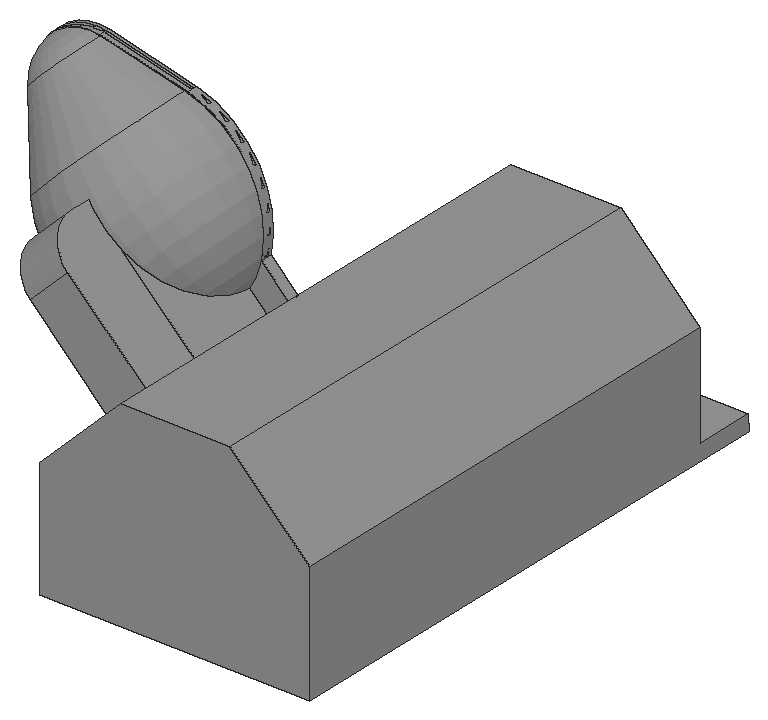
Revit family "Combination-Willoughby-ECW-1847-R-L-ON", category Plumbing Fixtures, Revit 2015
Parameters (values of type "Standard")
  Waste DIA = 2 3/8"
  Waste Connection = yes
  Vent Connection = no
  URL = "https://www.willoughby-ind.com/wp-content/uploads/2017/12/1847.pdf"
  Type Comments = ""
  Revision = "A"
  Lav Waste DIA = 1 1/2"
  Lav Waste Connection = yes
  HW Connection = no
  Flush Inlet DIA = 1 1/2"
  Flush Inlet Connection = yes
  Fixture Body = Stainless Steel AISI 304-Willoughby
  Model = "ECW-1847-R-C-ON"
  Manufacturer = "Willoughby Industries"
  Description = "1847 Combination Unit, Wall toilet waste outlet, Center toilet, Right Lav. Bowl, On Floor mounted"
  Default Elevation = 0' - 0"
  Contact = "(800) 428-4065"
  CW Connection = no
Reference planes (in)
  plane 1 "Center (Front/Back)": y = 0
  plane 2: z = 0
  plane 3 "Center (Left/Right)": x = 0
  plane 4: x = 3.59375
  plane 5: x = -3.59375
  plane 6: x = 9
  plane 7: x = -9
  plane 8: z = 7.9375
  plane 9: z = 13.25
  plane 10: z = 1.0625
  plane 11: x = -6.375
  plane 12: x = 2.25
  plane 13: y = 11.5
  plane 14: y = 15
  plane 15: y = 20.5
  plane 16: y = 24.5
  plane 17: through (-4.05377, 15.25, 29.86392) normal (-0.7071, 0, 0.7071)
  plane 18: through (-12.3832, 15.25, 28.42878) normal (-0.7071, 0, 0.7071)
  plane 19: through (-13.97035, 15.25, 22.22746) normal (0.7071, 0, 0.7071)
  plane 20: through (-18.21299, 15.25, 17.98482) normal (0.7071, 0, 0.7071)
  plane 21: z = -3
Forms (in)
  Extrusion 1, solid, material "Stainless Steel AISI 304-Willoughby" <- "Fixture Body"
    sketch origin (0, 0, 0) x (1, 0, 0) y (0, 0, 1)
      loop
        line (9, 0) -> (9, 7.9375) -> (3.6875, 13.25) -> (-3.59375, 13.25) -> (-9, 7.84375) -> (-9, 0) -> (9, 0)
    from 0 to -32.5
  Extrusion 2, solid, material "Stainless Steel AISI 304-Willoughby" <- "Fixture Body"
    sketch origin (0, 0, 0) x (1, 0, 0) y (0, 0, 1)
      loop
        line (9, 0) -> (9, 1.0625) -> (-9, 1.0625) -> (-9, 0) -> (9, 0)
    from -32.5 to -36.5
  Extrusion 3, void
    sketch origin (0, 0, 0) x (1, 0, 0) y (0, 0, 1)
      loop
        line (8.03033, 7.1394) -> (2.55026, 12.61861)
        arc (2.55026, 12.61861) -> (2.40417, 12.71659) -> (2.23166, 12.75101) r 0.44955
        line (2.23166, 12.75101) -> (0.18776, 12.75101)
        arc (0.18776, 12.75101) -> (-0.69647, 12.38474) -> (-1.06274, 11.50051) r 1.2505
        line (-1.06274, 11.50051) -> (-1.06274, 4.92717)
        arc (-1.06274, 4.92717) -> (-0.94854, 4.35308) -> (-0.62332, 3.86639) r 1.50011
        line (-0.62332, 3.86639) -> (0.06911, 3.1742)
        arc (0.06911, 3.1742) -> (0.6082, 2.81399) -> (1.24411, 2.6875) r 1.66169
        line (1.24411, 2.6875) -> (6.75, 2.6875)
        arc (6.75, 2.6875) -> (7.81066, 3.12684) -> (8.25, 4.1875) r 1.5
        line (8.25, 4.1875) -> (8.25, 6.60907)
        arc (8.25, 6.60907) -> (8.19291, 6.89609) -> (8.03033, 7.1394) r 0.75
    from -32.5 to -27
  Revolve 4, solid, material "Stainless Steel AISI 304-Willoughby" <- "Fixture Body"
    sketch origin (0, 11.5, -12.68404) x (0, 0, -1) y (-1, 0, 0)
      loop
        line (-9.68278, 0) -> (-14.18404, 0) -> (-14.18404, -1.1875) -> (-9.68278, -1.1875) -> (-9.68278, 0)
      axis (-14.18404, 0) -> (-9.68278, 0)
    angle from 0 to 360
  Revolve 5, solid, material "Stainless Steel AISI 304-Willoughby" <- "Fixture Body"
    sketch origin (0, 20.5, -12.68404) x (0, 0, -1) y (-1, 0, 0)
      loop
        line (-12.68215, 6.375) -> (-14.18404, 6.375) -> (-14.18404, 5.625) -> (-12.68215, 5.625) -> (-12.68215, 6.375)
      axis (-12.68215, 6.375) -> (-14.18404, 6.375)
    angle from 0 to 360
  Revolve 6, solid, material "Stainless Steel AISI 304-Willoughby" <- "Fixture Body"
    sketch origin (0, 24.5, -7.01223) x (0, 0, -1) y (-1, 0, 0)
      loop
        line (-4.01223, -2.25) -> (-8.51223, -2.25) -> (-8.51223, -3) -> (-4.01223, -3) -> (-4.01223, -2.25)
      axis (-4.01223, -2.25) -> (-8.51223, -2.25)
    angle from 0 to 360
  Revolve 7, solid, material "Stainless Steel AISI 304-Willoughby" <- "Fixture Body"
    sketch origin (-3.45494, 14.75, 7.46941) x (0.707107, 0, -0.707107) y (-0.707107, 0, -0.707107)
      loop
        arc (-16.25875, -6.02566) -> (-9.22764, -6.08019) -> (-5.69625, 0) r 7
        line (-5.69625, 0) -> (-6.19625, 0)
        arc (-6.19625, 0) -> (-9.4731, -5.64458) -> (-15.99973, -5.59794) r 6.5
        line (-15.99973, -5.59794) -> (-20.8721, -2.57392)
        arc (-20.8721, -2.57392) -> (-21.91777, -1.47245) -> (-22.28998, 0) r 3
        line (-22.28998, 0) -> (-22.79, 0)
        arc (-22.79, 0) -> (-22.35472, -1.71553) -> (-21.13577, -2.99875) r 3.5
        line (-21.13577, -2.99875) -> (-16.25875, -6.02566)
      axis (-22.79, 0) -> (-5.69625, 0)
    angle from 0 to 180
  Extrusion 8, solid, material "Stainless Steel AISI 304-Willoughby" <- "Fixture Body"
    sketch origin (-3.30285, 14.75, 7.31731) x (0.707107, 0, -0.707107) y (-0.707107, 0, -0.707107)
      loop
        arc (-16.31246, -6.11221) -> (-11.15584, -6.77641) -> (-6.96698, -3.69657) r 6.99024
        line (-6.96698, -3.69657) -> (-4.40074, -3.69657) -> (-4.40074, 3.65625) -> (-6.9421, 3.65625)
        arc (-6.9421, 3.65625) -> (-11.2049, 6.78845) -> (-16.44046, 6.03277) r 6.98205
        line (-16.44046, 6.03277) -> (-21.4104, 2.94819)
        arc (-21.4104, 2.94819) -> (-23.00527, 0) -> (-21.4104, -2.94819) r 3.52237
        line (-21.4104, -2.94819) -> (-16.31246, -6.11221)
      loop
        line (-20.34476, -1.63051) -> (-15.05004, -3.88749)
        arc (-15.05004, -3.88749) -> (-8.1517, 0) -> (-15.05004, 3.88749) r 4.54455
        line (-15.05004, 3.88749) -> (-20.34476, 1.63051)
        arc (-20.34476, 1.63051) -> (-21.22494, 0) -> (-20.34476, -1.63051) r 1.95034
    from 0.25 to -0.5
  Extrusion 9, solid, material "Stainless Steel AISI 304-Willoughby" <- "Fixture Body"
    sketch origin (-7.12924, 15, 11.14371) x (0, 1, 0) y (-0.707107, 0, 0.707107)
      loop
        line (-6.77192, 9.05193) -> (-8.17415, 9.05193)
        arc (-8.17415, 9.05193) -> (-10.09199, 8.25753) -> (-10.88639, 6.33969) r 2.71224
        line (-10.88639, 6.33969) -> (-10.88639, -1.0106) -> (-6.77192, -1.0106) -> (-6.77192, 9.05193)
    from 1.75 to -1.75
  Extrusion 10, solid, material "Stainless Steel AISI 304-Willoughby" <- "Fixture Body"
    sketch origin (-7.12924, 15, 11.14371) x (0, 1, 0) y (-0.707107, 0, 0.707107)
      loop
        line (-6.77192, -1.0106) -> (-0.75, -1.0106) -> (-0.75, 0.82799)
        arc (-0.75, 0.82799) -> (-4.5139, 2.48885) -> (-6.77192, 5.92785) r 7.26374
        line (-6.77192, 5.92785) -> (-6.77192, -1.0106)
    from 1.75 to -1.75
Cuts and joins
  Extrusion 3 cuts Extrusion 1
  joined: Extrusion 1, Extrusion 2
Lines and regions (in)
  symbolic lines
    curve 1: line (0, 0, 0) -> (0, 0, 13.25)
    curve 2: line (0, 0, 13.25) -> (0, 32.5, 13.25)
    curve 3: line (0, 32.5, 13.25) -> (0, 32.5, 1.0625)
    curve 4: line (0, 32.5, 1.0625) -> (0, 36.5, 1.0625)
    curve 5: line (0, 36.5, 1.0625) -> (0, 36.5, 0)
    curve 6: line (0, 36.5, 0) -> (0, 0, 0)
    curve 7: line (0, 4.11361, 13.25) -> (0, 4.11361, 20.59972)
    curve 8: arc (0, 4.11361, 20.59972) -> (0, 4.90801, 22.51756) -> (0, 6.82585, 23.31196) r 2.71224
    curve 9: line (0, 6.82585, 23.31196) -> (0, 7.92232, 23.31196)
    curve 10: arc (0, 7.92232, 23.31196) -> (0, 8.2464, 24.34793) -> (0, 8.72434, 25.32253) r 7.11348
    curve 11: line (0, 8.72434, 25.32253) -> (0, 11.94825, 30.48187)
    curve 12: arc (0, 11.94825, 30.48187) -> (0, 12.97805, 31.37103) -> (0, 14.25, 31.85395) r 3.91396
    curve 13: line (0, 14.25, 31.85395) -> (0, 15, 31.85395)
    curve 14: line (0, 15, 31.85395) -> (0, 15, 13.25)
    curve 15: line (0, 14.25, 13.25) -> (0, 14.25, 15.08802)
    curve 16: arc (0, 14.25, 15.08802) -> (0, 10.44594, 16.54783) -> (0, 8.22712, 19.96525) r 6.59074
    curve 17: arc (0, 8.22712, 19.96525) -> (0, 7.99317, 21.63108) -> (0, 8.16884, 23.30407) r 6.90717
    curve 18: line (0, 8.16884, 23.30407) -> (0, 7.91884, 23.30407)
    curve 19: line (8.03033, 0, 7.1394) -> (2.55025, 0, 12.61948)
    curve 20: arc (2.55025, 0, 12.61948) -> (2.40408, 0, 12.71703) -> (2.23166, 0, 12.75101) r 0.44906
    curve 21: line (2.23166, 0, 12.75101) -> (0.18776, 0, 12.75101)
    curve 22: arc (0.18776, 0, 12.75101) -> (-0.69647, 0, 12.38474) -> (-1.06274, 0, 11.50051) r 1.2505
    curve 23: line (-1.06274, 0, 11.50051) -> (-1.06274, 0, 4.92717)
    curve 24: arc (-1.06274, 0, 4.92717) -> (-0.94855, 0, 4.3531) -> (-0.62336, 0, 3.86643) r 1.50011
    curve 25: line (-0.62336, 0, 3.86643) -> (0.08378, 0, 3.15928)
    curve 26: arc (0.08378, 0, 3.15928) -> (0.61622, 0, 2.80602) -> (1.24411, 0, 2.6875) r 1.61124
    curve 27: arc (1.24411, 0, 2.6875) -> (3.99705, 0, 2.70545) -> (6.75, 0, 2.6875) r 211.16453
    curve 28: arc (6.75, 0, 2.6875) -> (7.81066, 0, 3.12684) -> (8.25, 0, 4.1875) r 1.5
    curve 29: arc (8.25, 0, 6.60907) -> (8.19291, 0, 6.89609) -> (8.03033, 0, 7.1394) r 0.75
    curve 30: line (8.25, 0, 4.1875) -> (8.25, 0, 6.60907)
    curve 31: line (-3.59375, 0, 13.25) -> (-9, 0, 7.84375)
    curve 32: line (-9, 0, 7.84375) -> (-9, 0, 0)
    curve 33: line (-9, 0, 0) -> (9, 0, 0)
    curve 34: line (9, 0, 0) -> (9, 0, 7.9375)
    curve 35: line (9, 0, 7.9375) -> (3.6875, 0, 13.25)
    curve 36: line (3.6875, 0, 13.25) -> (-3.59375, 0, 13.25)
    curve 37: line (3.6875, 0, 13.25) -> (3.6875, 0, 15.81005)
    curve 38: arc (3.6875, 0, 15.81005) -> (6.78998, 0, 20.09106) -> (6.02566, 0, 25.32253) r 7.01988
    curve 39: arc (6.02566, 0, 25.32253) -> (4.54183, 0, 27.77942) -> (2.99875, 0, 30.19955) r 118.14374
    curve 40: arc (2.99875, 0, 30.19955) -> (0, 0, 31.82036) -> (-2.99875, 0, 30.19955) r 3.58447
    curve 41: arc (-2.99875, 0, 30.19955) -> (-4.50737, 0, 27.82899) -> (-5.95383, 0, 25.42001) r 108.0434
    curve 42: arc (-5.95383, 0, 25.42001) -> (-6.73356, 0, 20.14524) -> (-3.65625, 0, 15.79079) r 7.16997
    curve 43: line (-3.65625, 0, 15.79079) -> (-3.65625, 0, 13.29079)
    curve 44: line (-9, 0, 0) -> (-9, 36.5, 0)
    curve 45: line (-9, 36.5, 0) -> (9, 36.5, 0)
    curve 46: line (9, 36.5, 0) -> (9, 0, 0)
    curve 47: line (9, 0, 0) -> (-9, 0, 0)
    curve 48: line (-9, 32.5, 0) -> (9, 32.5, 0)
    curve 49: line (-6.99724, 14.25, 0) -> (-6.99724, 15, 0)
    curve 50: line (-6.99724, 15, 0) -> (6.99885, 15, 0)
    curve 51: line (6.99885, 15, 0) -> (6.99885, 14.25, 0)
    curve 52: line (1.75, 8, 0) -> (1.75, 4.11361, 0)
    curve 53: line (1.75, 4.11361, 0) -> (-1.75, 4.11361, 0)
    curve 54: line (-1.75, 4.11361, 0) -> (-1.75, 8, 0)
    curve 55: arc (6.99885, 14.25, 0) -> (4.75888, 9.63614, 0) -> (0, 7.72347, 0) r 7.12219
    curve 56: arc (0, 7.72347, 0) -> (-4.8104, 9.58035, 0) -> (-6.99724, 14.25, 0) r 6.91244
Dimensions and locks (in)
  equal spacing: plane 4, plane 3 "Center (Left/Right)", plane 5
  plane 4 to plane 5 = 0' - 7 3/16"
  equal spacing: plane 6, plane 3 "Center (Left/Right)", plane 7
  plane 6 to plane 7 = 1' - 6"
  plane 6 to plane 3 "Center (Left/Right)" = 0' - 9"
  level to plane 9 = 1' - 1 1/4"
  level to plane 8 = 0' - 7 15/16"
  plane 6 to plane 12 = 0' - 6 3/4"
  plane 13 to plane 1 "Center (Front/Back)" = 0' - 11 1/2"
  plane 14 to plane 1 "Center (Front/Back)" = 1' - 3"
  plane 15 to plane 1 "Center (Front/Back)" = 1' - 8 1/2"
  plane 16 to plane 1 "Center (Front/Back)" = 2' - 0 1/2"
  locked: plane 1 "Center (Front/Back)" to plane 13 at 11.5
  plane 1 "Center (Front/Back)" to plane 15 = 1' - 8 1/2"
  locked: plane 1 "Center (Front/Back)" to plane 16 at 24.5
  locked: plane 1 "Center (Front/Back)" to plane 14 at 15
  locked: plane 1 "Center (Front/Back)" to cut or joined group of Extrusion 1, Extrusion 2, Extrusion 3 at 32.5
  locked: cut or joined group of Extrusion 1, Extrusion 2, Extrusion 3 to plane 1 "Center (Front/Back)" at 36.5
  locked: plane 7 to plane 6 at 18
  locked: plane 7 to plane 11 at 2.625
  plane 7 to plane 3 "Center (Left/Right)" = 0' - 9"
  locked: plane 12 to plane 6 at 6.75
  plane 19 to plane 20 = 0' - 6"
  aligned and locked: plane 6 to Extrusion 2
  aligned and locked: Extrusion 2 to plane 10
  aligned and locked: Extrusion 2 to plane 7
  aligned and locked: Extrusion 2 to level
Automatic sketch dimensions
  Extrusion 1 sketch curve to level = 0' - 0"
  Extrusion 1 sketch curve to plane 7 = 0' - 0"
  Extrusion 1 sketch curve to plane 5 = 0' - 0"
  Extrusion 1 sketch curve to plane 9 = 0' - 0"
  Extrusion 1 sketch curve to plane 6 = 0' - 0"
  Extrusion 1 sketch curve to plane 8 = 0' - 0"
  plane 4 to Extrusion 1 sketch curve = 0' - 0 3/32"
  Extrusion 1 sketch curve to plane 8 = 0' - 0 3/32"
  Extrusion 2 sketch curve to level = 0' - 0"
  Extrusion 2 sketch curve to plane 7 = 0' - 0"
  Extrusion 2 sketch curve to plane 6 = 0' - 0"
  Extrusion 2 sketch curve to plane 10 = 0' - 0"
  Extrusion 3 sketch curve to plane 3 "Center (Left/Right)" = 0' - 1.06274"
  Extrusion 3 sketch curve to plane 3 "Center (Left/Right)" = 0' - 0.62332"
  plane 3 "Center (Left/Right)" to Extrusion 3 sketch curve = 0' - 0.06911"
  plane 3 "Center (Left/Right)" to Extrusion 3 sketch curve = 0' - 0.18776"
  plane 3 "Center (Left/Right)" to Extrusion 3 sketch curve = 0' - 0.43738"
  Extrusion 3 sketch curve to Extrusion 3 sketch curve = 0' - 0.80673"
  Extrusion 3 sketch curve to plane 12 = 0' - 0.01834"
  plane 12 to Extrusion 3 sketch curve = 0' - 0.30026"
  Extrusion 3 sketch curve to plane 6 = 0' - 2 1/4"
  Extrusion 3 sketch curve to plane 6 = 0' - 1 1/2"
  Extrusion 3 sketch curve to Extrusion 3 sketch curve = 0' - 0.53033"
  Extrusion 3 sketch curve to Extrusion 3 sketch curve = 0' - 0.21967"
  Extrusion 3 sketch curve to plane 10 = 0' - 1 5/8"
  Extrusion 3 sketch curve to Extrusion 3 sketch curve = 0' - 0.4867"
  Extrusion 3 sketch curve to Extrusion 3 sketch curve = 0' - 0.69219"
  Extrusion 3 sketch curve to plane 8 = 0' - 1.32843"
  Extrusion 3 sketch curve to plane 9 = 0' - 1.74949"
  Extrusion 3 sketch curve to Extrusion 3 sketch curve = 0' - 0.44955"
  Revolve 4 sketch curve to plane 3 "Center (Left/Right)" = 0' - 0"  (x2)
  Revolve 4 sketch curve to plane 10 = 0' - 0 7/16"
  plane 3 "Center (Left/Right)" to Revolve 4 sketch curve = 0' - 1 3/16"
  Revolve 4 sketch curve to level = 0' - 3.00126"
  Revolve 4 sketch curve to Revolve 4 sketch curve = 0' - 0"
  Revolve 4 sketch curve to Revolve 4 sketch curve = 0' - 0.50126"
  Revolve 5 sketch curve to plane 11 = 0' - 0"  (x2)
  Revolve 5 sketch curve to plane 10 = 0' - 0 7/16"
  plane 11 to Revolve 5 sketch curve = 0' - 0 3/4"
  Revolve 5 sketch curve to level = 0' - 0.00189"
  Revolve 5 sketch curve to Revolve 5 sketch curve = 0' - 0"
  Revolve 5 sketch curve to Revolve 5 sketch curve = 0' - 2.49811"
  curve 1 to level = 0' - 0"
  curve 1 to plane 1 "Center (Front/Back)" = 0' - 0"
  curve 7 to plane 9 = 0' - 0"
  curve 14 to plane 14 = 0' - 0"
  plane 10 to curve 3 = 0' - 0"
  curve 7 to plane 1 "Center (Front/Back)" = 0' - 4.11361"
  curve 7 to curve 8 = 0' - 2.71224"
  curve 9 to curve 9 = 0' - 1.09647"
  curve 9 to curve 11 = 0' - 0.80202"
  plane 13 to curve 11 = 0' - 0.44825"
  curve 15 to plane 14 = 0' - 0 3/4"
  curve 13 to curve 13 = 0' - 0 3/4"
  curve 16 to plane 14 = 0' - 0.40638"
  curve 10 to plane 14 = 0' - 0.14639"
  curve 10 to curve 17 = 0' - 0.04568"
  curve 12 to plane 14 = 0' - 0.01787"
  plane 16 to curve 3 = 0' - 8"
  curve 3 to curve 5 = 0' - 4"
  curve 15 to curve 15 = 0' - 1.83802"
  curve 7 to curve 7 = 0' - 7.34972"
  curve 16 to curve 16 = 0' - 6.58177"
  curve 16 to curve 10 = 0' - 0.04251"
  curve 10 to curve 17 = 0' - 0.03933"
  curve 17 to curve 12 = 0' - 6.25744"
  curve 12 to curve 11 = 0' - 2.47279"
  curve 18 to curve 10 = 0' - 0.00348"
  curve 9 to curve 18 = 0' - 0.24652"
  curve 17 to curve 16 = 0' - 0"
  curve 32 to plane 7 = 0' - 0"
  curve 36 to plane 5 = 0' - 0"
  curve 40 to plane 3 "Center (Left/Right)" = 0' - 0"
  curve 35 to plane 9 = 0' - 0"
  curve 35 to plane 6 = 0' - 0"
  curve 33 to level = 0' - 0"
  curve 34 to plane 8 = 0' - 0"
  curve 39 to level = 2' - 10.5222"
  curve 39 to plane 7 = 7' - 2.8397"
  curve 23 to plane 3 "Center (Left/Right)" = 0' - 1.06274"
  curve 25 to plane 3 "Center (Left/Right)" = 0' - 0.62336"
  curve 38 to plane 3 "Center (Left/Right)" = 0' - 0.02699"
  plane 3 "Center (Left/Right)" to curve 25 = 0' - 0.08378"
  plane 3 "Center (Left/Right)" to curve 22 = 0' - 0.18776"
  plane 3 "Center (Left/Right)" to curve 42 = 0' - 0.24063"
  plane 3 "Center (Left/Right)" to curve 24 = 0' - 0.43738"
  curve 24 to curve 26 = 0' - 0.78572"
  curve 21 to plane 12 = 0' - 0.01834"
  curve 20 to plane 12 = 0' - 0.01728"
  plane 12 to curve 19 = 0' - 0.30025"
  plane 4 to curve 35 = 0' - 0 3/32"
  plane 4 to curve 27 = 0' - 0.4033"
  curve 28 to plane 6 = 0' - 2 1/4"
  curve 29 to plane 6 = 0' - 1 1/2"
  curve 29 to curve 19 = 0' - 0.53033"
  curve 30 to plane 6 = 0' - 0 3/4"
  curve 41 to level = 2' - 4.98901"
  plane 6 to curve 41 = 6' - 6.38981"
  curve 27 to curve 41 = 14' - 11.47007"
  curve 25 to plane 10 = 0' - 2.09678"
  curve 25 to curve 25 = 0' - 0.70715"
  curve 30 to plane 10 = 0' - 3 1/8"
  curve 26 to curve 24 = 0' - 0.62857"
  curve 29 to plane 8 = 0' - 1.32843"
  curve 32 to plane 8 = 0' - 0 3/32"
  curve 23 to plane 9 = 0' - 1.74949"
  curve 20 to curve 20 = 0' - 0.44906"
  curve 35 to curve 37 = 0' - 2.56005"
  curve 37 to curve 38 = 0' - 5.95662"
  curve 38 to curve 42 = 0' - 0.04265"
  curve 42 to curve 40 = 0' - 6.42658"
  plane 11 to curve 42 = 0' - 0.42117"
  curve 41 to curve 42 = 0' - 0"
  curve 42 to plane 5 = 0' - 0 1/16"
  curve 40 to curve 41 = 0' - 0"
  curve 39 to curve 40 = 0' - 0"
  plane 9 to curve 43 = 0' - 0.04079"
  plane 1 "Center (Front/Back)" to curve 44 = 0' - 0"
  curve 44 to plane 7 = 0' - 0"
  curve 50 to plane 14 = 0' - 0"
  curve 55 to plane 3 "Center (Left/Right)" = 0' - 0"
  curve 46 to plane 6 = 0' - 0"
  curve 50 to plane 11 = 0' - 0.62224"
  curve 53 to plane 3 "Center (Left/Right)" = 0' - 1 3/4"
  curve 55 to plane 3 "Center (Left/Right)" = 0' - 0.09845"
  curve 56 to plane 3 "Center (Left/Right)" = 0' - 0.09555"
  curve 52 to plane 12 = 0' - 0 1/2"
  curve 52 to plane 1 "Center (Front/Back)" = 0' - 4.11361"
  curve 51 to plane 14 = 0' - 0 3/4"
  curve 56 to plane 14 = 0' - 0.36475"
  curve 55 to plane 14 = 0' - 0.15502"
  plane 16 to curve 45 = 1' - 0"
  curve 56 to curve 55 = 0' - 0"
  curve 55 to curve 54 = 0' - 0.27653"
  curve 55 to curve 52 = 0' - 0.27653"
  curve 48 to curve 45 = 0' - 4"
  Revolve 7 sketch curve to Revolve 7 sketch curve = 0' - 0"  (x7)
  plane 17 to Revolve 7 sketch curve = 0' - 0"
  Revolve 7 sketch curve to plane 18 = 0' - 1.84366"
  Revolve 7 sketch curve to plane 18 = 0' - 0.26165"
  Revolve 7 sketch curve to plane 19 = 0' - 0.00125"
  plane 18 to Revolve 7 sketch curve = 0' - 0.00202"
  plane 18 to Revolve 7 sketch curve = 0' - 1 5/32"
  Revolve 7 sketch curve to Revolve 7 sketch curve = 0' - 0 1/2"  (x2)
  Revolve 7 sketch curve to plane 17 = 0' - 0.25901"
  Revolve 7 sketch curve to plane 17 = 0' - 3 9/16"
  Revolve 7 sketch curve to plane 19 = 0' - 3"
  Revolve 7 sketch curve to Revolve 7 sketch curve = 0' - 6 1/2"
  Revolve 7 sketch curve to plane 19 = 0' - 0.42608"
  Extrusion 8 sketch curve to plane 5 = 1' - 0.76385"
  plane 9 to Extrusion 8 sketch curve = 0' - 11.29144"
  Extrusion 8 sketch curve to Extrusion 8 sketch curve = 0' - 0"  (x2)
  Extrusion 8 sketch curve to Extrusion 8 sketch curve = 0' - 1.06564"  (x2)
  Extrusion 8 sketch curve to Extrusion 8 sketch curve = 0' - 0.86186"
  Extrusion 8 sketch curve to Extrusion 8 sketch curve = 0' - 0.2083"
  Extrusion 8 sketch curve to Extrusion 8 sketch curve = 0' - 4.96994"
  Extrusion 8 sketch curve to Extrusion 8 sketch curve = 0' - 5.09794"
  Extrusion 8 sketch curve to Extrusion 8 sketch curve = 0' - 1.39042"
  Extrusion 8 sketch curve to Extrusion 8 sketch curve = 0' - 1.26242"
  Extrusion 8 sketch curve to Extrusion 8 sketch curve = 0' - 2.14484"
  Extrusion 8 sketch curve to Extrusion 8 sketch curve = 0' - 0.00561"
  Extrusion 8 sketch curve to Extrusion 8 sketch curve = 0' - 0.20334"
  Extrusion 8 sketch curve to Extrusion 8 sketch curve = 0' - 5.72926"
  Extrusion 8 sketch curve to Extrusion 8 sketch curve = 0' - 5.75415"
  Extrusion 8 sketch curve to Extrusion 8 sketch curve = 0' - 2.54136"
  Extrusion 8 sketch curve to Extrusion 8 sketch curve = 0' - 0.74838"
  Extrusion 8 sketch curve to Extrusion 8 sketch curve = 0' - 0.9393"
  Extrusion 8 sketch curve to Extrusion 8 sketch curve = 0' - 2.22472"
  Extrusion 8 sketch curve to Extrusion 8 sketch curve = 0' - 1.31767"
  Extrusion 8 sketch curve to Extrusion 8 sketch curve = 0' - 0.00861"
  Extrusion 8 sketch curve to Extrusion 8 sketch curve = 0' - 1.63051"
  Extrusion 8 sketch curve to Extrusion 8 sketch curve = 0' - 0.0238"
  Extrusion 8 sketch curve to Extrusion 8 sketch curve = 0' - 3 21/32"
  Extrusion 9 sketch curve to plane 1 "Center (Front/Back)" = 0' - 4.11361"
  Extrusion 9 sketch curve to Extrusion 9 sketch curve = 0' - 2.71224"
  Extrusion 9 sketch curve to plane 13 = 0' - 3.27192"
  Extrusion 9 sketch curve to Extrusion 9 sketch curve = 0' - 7.35029"
  Extrusion 10 sketch curve to plane 13 = 0' - 3.27192"
  Extrusion 10 sketch curve to plane 14 = 0' - 0 3/4"
  plane 14 to Extrusion 10 sketch curve = 0' - 0.18041"
  Extrusion 10 sketch curve to Extrusion 10 sketch curve = 0' - 1.83859"
  Extrusion 10 sketch curve to Extrusion 10 sketch curve = 0' - 6.93845"
  Revolve 6 sketch curve to plane 12 = 0' - 0"  (x2)
  Revolve 6 sketch curve to plane 21 = 0' - 0"
  Revolve 6 sketch curve to plane 10 = 0' - 0 7/16"
  Revolve 6 sketch curve to plane 4 = 0' - 0 19/32"
  plane 21 to Revolve 6 sketch curve = 0' - 0 1/2"
  Revolve 6 sketch curve to Revolve 6 sketch curve = 0' - 0"
Connectors (in)
  piping at (0, 11.5, -3.00126), diameter 2.375, driven by "Waste Connection", driven by "Waste DIA"
    settings: on Revolve 4, index 1, connector inside diameter 24", connector length 0' - 0", flow factor 0, pipe flow 1.28 GPM, pressure drop 0.00 psi, fitting loss kfactor 0, connector angle 0.00°, fixture units 0, engagement length 0' - 0", angle of deflection 0.00°, flow configuration 0, flow direction 2, fitting loss method 0, system type 16, joint type 0, gender type 0, connector reference index -1, connector utility 1, adjustable connector no, is connector primary yes, connector description "Toilet Waste"
  piping at (-6.375, 20.5, -0.00189), diameter 1.5, driven by "Flush Inlet DIA", driven by "Flush Inlet Connection"
    settings: on Revolve 5, index 2, connector inside diameter 24", connector length 0' - 0", flow factor 0, pipe flow 0 GPM, pressure drop 0.00 psi, fitting loss kfactor 0, connector angle 0.00°, fixture units 0, engagement length 0' - 0", angle of deflection 0.00°, flow configuration 0, flow direction 1, fitting loss method 0, system type 20, joint type 0, gender type 0, connector reference index -1, connector utility 1, adjustable connector no, is connector primary no, connector description "Flush Inlet"
  piping at (2.25, 24.5, -3), diameter 1.5, driven by "Lav Waste DIA", driven by "Lav Waste Connection"
    settings: on Revolve 6, index 3, connector inside diameter 24", connector length 0' - 0", flow factor 0, pipe flow 0 GPM, pressure drop 0.00 psi, fitting loss kfactor 0, connector angle 0.00°, fixture units 0, engagement length 0' - 0", angle of deflection 0.00°, flow configuration 0, flow direction 2, fitting loss method 0, system type 16, joint type 0, gender type 0, connector reference index -1, connector utility 1, adjustable connector no, is connector primary no, connector description "Sink Waste"
